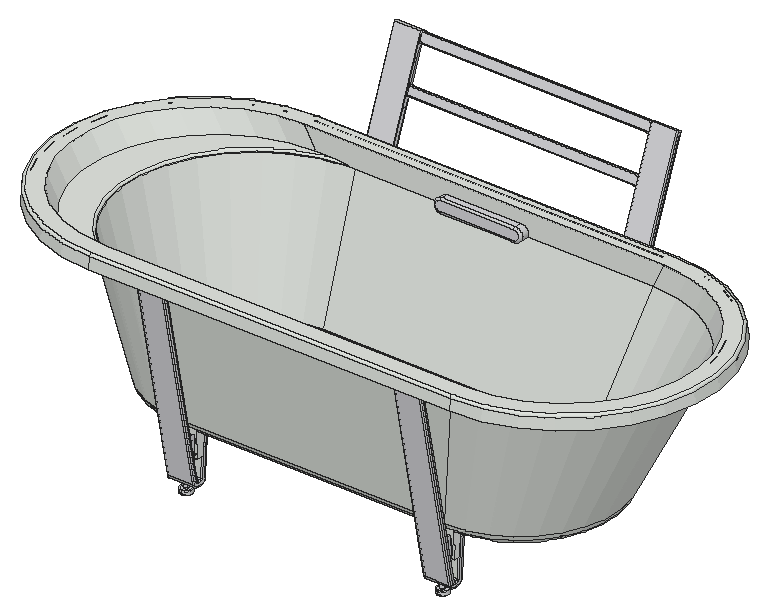
Revit family "Bath-Freestanding-KOHLER-LOVEE-K-9271T_1", category Plumbing Fixtures, host Face, Revit 2017
Family settings
  Host = Face
  Round Connector Dimension = Use Diameter
  Part Type = Normal
  OmniClass Number = 23.31.15.00
  OmniClass Title = Bathtubs
  Cut with Voids When Loaded = No
  Shared = No
  Room Calculation Point = No
Parameters (values of type "FF-Sea Salt")
  Width = 66.92913"  # constant formula
  WaterSense Certified = 1 = 0  # no
  Waste Water Outlet = "Waste Water Outlet"  # constant formula
  Waste Connection = 1 = 1  # yes
  Vent Connection = 1 = 0  # no
  URL = "http://www.kohler.com.cn/"
  Type = 1
  Product Page URL = "https://www.kohler.com.cn/product/K-9271T-0/K-9271T-FF/"
  Product Name = "LOVEE"  # constant formula
  Product Documentation Link = "https://files.kohler.com.cn/pdfs/k_9271t_2.pdf"
  Model = "K-9271T-FF"  # constant formula
  Material = "Cast Iron"  # constant formula
  Master Format 2014 Name = "Residential Bathtubs"  # constant formula
  Master Format 2014 = "22 41 19"  # constant formula
  Manufacturer Address = "Kohler Beijing Office (100016) 36-2-03-B, No. 88, Liuxiang Road, Beijing"  # constant formula
  Manufacturer = "KOHLER Co."  # constant formula
  Length = 29.52756"  # constant formula
  Hot Water Inlet = "Hot Water Inlet"  # constant formula
  Height = 30.47244"  # constant formula
  HW Connection = 1 = 0  # no
  Finish = KOHLER-Enameled_Cast_Iron-FF-Sea_Salt
  Environmental Product Declaration = ""
  Drain Included = 1 = 0  # no
  Description = "Freestanding Cast Iron Bathtub (Towel Rack Version)"  # constant formula
  Default Elevation = 0"
  Declare Label = ""
  Date Modified = "01/27/2021"  # constant formula
  Date Created = "01/27/2021"  # constant formula
  Copyright = "Copyright KOHLER Co."  # constant formula
  Contact Us = "http://www.kohler.com.cn/contact/contact-us/"
  Cold Water Inlet = "Cold Water Inlet"  # constant formula
  CW Connection = 1 = 0  # no
  Assembly Code = "D2010500"
  ADA Compliant = 1 = 0  # no
Reference planes (in)
  plane 1 "Center (Front/Back)": y = 0
  plane 2: z = 0
  plane 3 "Center (Left/Right)": x = 0
  plane 4: y = 19.893846
  plane 5: y = -14.8305634
  plane 6: x = -33.4645669
  plane 7: x = 33.4645669
  plane 8: y = 14.6969957
  plane 9: x = 14.5669291
  plane 10: x = -14.5669291
  plane 11: z = 30.4724409
  plane 12: x = -13.1889764
  plane 13: x = 13.1889764
  plane 14: z = 22.4409449
  plane 15: y = -9.0152085
  plane 16: y = 9.0152085
Dimensions and locks (in)
  "Width": plane 6 to plane 7
  locked: plane 4 to plane 5 at 34.7244094
  "Length": plane 5 to plane 8
  plane 6 to plane 3 "Center (Left/Right)" = 33.46457"
  plane 1 "Center (Front/Back)" to plane 8 = 14.697"
  "Height": plane 11 to level
  locked: plane 14 to level at 22.4409449
  locked: plane 10 to plane 9 at 29.1338583
  plane 13 to plane 12 = 26.37795"
  plane 4 to plane 5 = 34.72441"
  level to plane 14 = 22.44094"
  plane 16 to plane 15 = 18.03042"
  aligned and locked: plane 2 to host face
  aligned and locked: level to host face
  aligned and locked: plane 3 "Center (Left/Right)" to nested 1
  aligned and locked: plane 1 "Center (Front/Back)" to nested 1
  aligned and locked: plane 4 to nested 1
  aligned and locked: plane 5 to nested 1
  aligned and locked: plane 6 to nested 1
  aligned and locked: plane 7 to nested 1
  aligned and locked: plane 8 to nested 1
  aligned and locked: plane 9 to nested 1
  aligned and locked: plane 10 to nested 1
  aligned and locked: plane 11 to nested 1
  aligned and locked: plane 12 to nested 1
  aligned and locked: plane 13 to nested 1
  aligned and locked: plane 14 to nested 1
Automatic sketch dimensions
  host sketch curve to host sketch curve = 96"  (x2)
Nested families (in)
  nested 1: "K-9271T" at (0, 0, 0), type "K-9271T"
Connectors (in)
  piping at (0, 0, 3.8381579), diameter 1.3188976, driven by "Waste Connection", driven by "Waste Water Outlet"
    settings: on nested 1, index 1, connector inside diameter 24", connector length 0", flow factor 0, pipe flow 0 GPM, pressure drop 0.00 psi, fitting loss kfactor 0, connector angle 0.00°, fixture units 0, engagement length 0", angle of deflection 0.00°, flow configuration 0, flow direction 2, fitting loss method 0, system type 16, joint type 0, gender type 0, connector reference index -1, connector utility 1, adjustable connector no, is connector primary yes, connector description "Waste Water Outlet"
Definition of nested family "K-9271T"
  Parameters (values of type "K-9271T")
    Material = none
  Reference planes (in)
    plane 1 "Center (Front/Back)": y = 0
    plane 2: z = 0
    plane 3 "Center (Left/Right)": x = 0
    plane 4: y = 0
    plane 5: y = 14.6969957
    plane 6: x = 33.4645669
    plane 7: x = -33.4645669
    plane 8: y = -14.8305634
    plane 9: x = -14.5669291
    plane 10: x = 14.5669291
    plane 11: x = 23.1062992
    plane 12: y = 9.5925197
    plane 13: y = -9.5925197
    plane 14: x = -23.1062992
    plane 15: z = 30.4724409
    plane 16 "A": z = 22.4409449
    plane 17 "B": x = 13.1889764
    plane 18: x = -13.1889764
    plane 19: y = 19.893846
    plane 20 "C": z = 20.0891995
    plane 21: y = 13.1870079
    plane 22: y = -13.1870079
    plane 23: y = 13.1870079
    plane 24: y = -13.1870079
    plane 25: z = 6.7822009
    plane 26: y = -9.0152085
    plane 27: y = 9.0152085
  Forms (in)
    Blend 1, solid, material <- "Material", detail levels medium+fine
      base sketch origin (0, 0, 0) x (1, 0, 0) y (0, 1, 0)
        loop
          arc (-13.7150318, 9.5925197) -> (-23.3075515, 0) -> (-13.7150318, -9.5925197) r 9.5925197
          line (-13.7150318, -9.5925197) -> (13.8680165, -9.5925197)
          arc (13.8680165, -9.5925197) -> (23.4605362, 0) -> (13.8680165, 9.5925197) r 9.5925197
          line (13.8680165, 9.5925197) -> (-13.7150318, 9.5925197)
      top sketch origin (0, 0, 0) x (1, 0, 0) y (0, 1, 0)
        loop
          arc (-13.3186205, 13.1870079) -> (-26.5056283, 0) -> (-13.3186205, -13.1870079) r 13.1870079
          line (-13.3186205, -13.1870079) -> (17.3559372, -13.1870079)
          arc (17.3559372, -13.1870079) -> (30.542945, 0) -> (17.3559372, 13.1870079) r 13.1870079
          line (17.3559372, 13.1870079) -> (-13.3186205, 13.1870079)
      from 6.7822009 to 20.0891995
    Blend 2, void
      base sketch origin (0, 0, 0) x (1, 0, 0) y (0, 1, 0)
        loop
          line (17.3559372, 12.7933071) -> (-13.3186205, 12.7933071)
          arc (-13.3186205, 12.7933071) -> (-26.1119276, 0) -> (-13.3186205, -12.7933071) r 12.7933071
          line (-13.3186205, -12.7933071) -> (17.3559372, -12.7933071)
          arc (17.3559372, -12.7933071) -> (30.1492442, 0) -> (17.3559372, 12.7933071) r 12.7933071
      top sketch origin (0, 0, 0) x (1, 0, 0) y (0, 1, 0)
        loop
          arc (-13.7150318, 9.1988189) -> (-22.9138507, 0) -> (-13.7150318, -9.1988189) r 9.1988189
          line (-13.7150318, -9.1988189) -> (13.8680165, -9.1988189)
          arc (13.8680165, -9.1988189) -> (23.0668354, 0) -> (13.8680165, 9.1988189) r 9.1988189
          line (13.8680165, 9.1988189) -> (-13.7150318, 9.1988189)
      from 20.0891995 to 6.7822009
    Sweep 3, solid, material <- "Material", detail levels medium+fine
      path origin (0, 0, 6.7822009) x (1, 0, 0) y (0, 1, 0)
        loop
          arc (13.8680165, -9.5925197) -> (23.4605362, 0) -> (13.8680165, 9.5925197) r 9.5925197
          line (13.8680165, 9.5925197) -> (-13.7150318, 9.5925197)
          arc (-13.7150318, 9.5925197) -> (-23.3075515, 0) -> (-13.7150318, -9.5925197) r 9.5925197
          line (-13.7150318, -9.5925197) -> (13.8680165, -9.5925197)
      profile origin (23.4605362, 0, 6.7822009) x (1, 0, 0) y (0, 0, 1)
        loop
          line (-3.0699239, -0.8032372) -> (-0.7819278, -0.8032372)
          arc (-0.7819278, -0.8032372) -> (-0.4777714, -0.7188872) -> (-0.260502, -0.489933) r 0.5905512
          line (-0.260502, -0.489933) -> (0, 0) -> (-0.3026142, 0) -> (-0.3537818, -0.0962323)
          arc (-0.3537818, -0.0962323) -> (-0.5710512, -0.3251864) -> (-0.8752076, -0.4095365) r 0.5905512
          line (-0.8752076, -0.4095365) -> (-3.0699239, -0.4095365) -> (-3.0699239, -0.8032372)
    Extrusion 4, solid, material <- "Material", detail levels medium+fine
      sketch origin (0, 0, 6.7822009) x (0, 1, 0) y (1, 0, 0)
        loop
          arc (-6.5225958, -13.7150318) -> (0, -20.2376277) -> (6.5225958, -13.7150318) r 6.5225958
          line (6.5225958, -13.7150318) -> (6.5225958, 13.8680165)
          arc (6.5225958, 13.8680165) -> (0, 20.3906124) -> (-6.5225958, 13.8680165) r 6.5225958
          line (-6.5225958, 13.8680165) -> (-6.5225958, -13.7150318)
      from 0.4095365 to 0.8032372
    Blend 5, solid, material <- "Material", detail levels medium+fine
      base sketch origin (0, 0, 20.0891995) x (1, 0, 0) y (0, 1, 0)
        loop
          line (-17.2617692, -13.1870079) -> (17.3559372, -13.1870079)
          arc (17.3559372, -13.1870079) -> (30.542945, 0) -> (17.3559372, 13.1870079) r 13.1870079
          line (17.3559372, 13.1870079) -> (-17.2617692, 13.1870079)
          arc (-17.2617692, 13.1870079) -> (-30.4487771, 0) -> (-17.2617692, -13.1870079) r 13.1870079
      top sketch origin (0, 0, 20.0891995) x (1, 0, 0) y (0, 1, 0)
        loop
          line (18.5041247, 13.1870079) -> (-18.5956234, 13.1870079)
          arc (-18.5956234, 13.1870079) -> (-31.7826312, 0) -> (-18.5956234, -13.1870079) r 13.1870079
          line (-18.5956234, -13.1870079) -> (18.5041247, -13.1870079)
          arc (18.5041247, -13.1870079) -> (31.6911326, 0) -> (18.5041247, 13.1870079) r 13.1870079
      from 0 to 2.3426182
    Blend 6, void
      base sketch origin (0, 0, 20.0891995) x (1, 0, 0) y (0, 1, 0)
        loop
          line (18.5041247, 12.7933071) -> (-18.5956234, 12.7933071)
          arc (-18.5956234, 12.7933071) -> (-31.3889304, 0) -> (-18.5956234, -12.7933071) r 12.7933071
          line (-18.5956234, -12.7933071) -> (18.5041247, -12.7933071)
          arc (18.5041247, -12.7933071) -> (31.2974318, 0) -> (18.5041247, 12.7933071) r 12.7933071
      top sketch origin (0, 0, 20.0891995) x (1, 0, 0) y (0, 1, 0)
        loop
          line (-17.1915658, -12.7933071) -> (17.3559372, -12.7933071)
          arc (17.3559372, -12.7933071) -> (30.1492442, 0) -> (17.3559372, 12.7933071) r 12.7933071
          line (17.3559372, 12.7933071) -> (-17.1915658, 12.7933071)
          arc (-17.1915658, 12.7933071) -> (-29.9848729, 0) -> (-17.1915658, -12.7933071) r 12.7933071
      from 2.3426182 to 0
    Sweep 7, solid, material <- "Material", detail levels medium+fine
      path origin (0, 0, 22.4318178) x (1, 0, 0) y (0, 1, 0)
        loop
          line (18.5041247, 13.1870079) -> (-18.5956234, 13.1870079)
          arc (-18.5956234, 13.1870079) -> (-31.7826312, 0) -> (-18.5956234, -13.1870079) r 13.1870079
          line (-18.5956234, -13.1870079) -> (18.5041247, -13.1870079)
          arc (18.5041247, -13.1870079) -> (31.6911326, 0) -> (18.5041247, 13.1870079) r 13.1870079
      profile origin (31.6911326, 0, 22.4318178) x (-1, 0, 0) y (0, 0, 1)
        loop
          line (-1.576584, -1.3688256) -> (-1.2625467, -1.3688256) -> (-1.1972138, -0.6220677)
          arc (-1.1972138, -0.6220677) -> (-1.0907402, -0.4061605) -> (-0.8663748, -0.3189096) r 0.3321028
          line (-0.8663748, -0.3189096) -> (0.2734172, -0.3189096) -> (0.2734172, 0) -> (-1.2052725, 0)
          arc (-1.2052725, 0) -> (-1.3907381, -0.0721236) -> (-1.4787517, -0.2505975) r 0.2745238
          line (-1.4787517, -0.2505975) -> (-1.576584, -1.3688256)
    Extrusion 8, solid, material <- "Material", detail levels medium+fine
      sketch origin (0, 0, 20.0891995) x (1, 0, 0) y (0, 1, 0)
        loop
          arc (-15.2901949, 13.038791) -> (-30.4487771, 0) -> (-15.2901949, -13.038791) r 13.1870079
          arc (-15.2901949, -13.038791) -> (-26.5056283, 0) -> (-15.2901949, 13.038791) r 13.1870079
      from 0 to 0.2678418
    Sweep 9, solid, material <- "Material", detail levels medium+fine
      path origin (0, 0, 20.0891995) x (1, 0, 0) y (0, 1, 0)
        loop
          arc (-14.0596118, -13.1661729) -> (-26.5056283, 0) -> (-14.0596118, 13.1661729) r 13.1870079
      profile origin (-26.5056283, 0, 20.0891995) x (-1, 0, 0) y (0, 0, 1)
        loop
          line (-0.3739079, 0.0822845) -> (-0.3937008, 0) -> (0, 0) -> (0, 0.2678418) -> (-0.1384236, 0.2678418)
          arc (-0.1384236, 0.2678418) -> (-0.2883272, 0.2158781) -> (-0.3739079, 0.0822845) r 0.2422012
    Sweep 10, solid
      path origin (13.1889764, 0, 0) x (0, 0, 1) y (0, -1, 0)
        loop
          line (21.3375759, 13.8368361) -> (1.4176961, 9.7840907)
          arc (1.4176961, 9.7840907) -> (1.0781146, 9.5790399) -> (0.9448819, 9.2053951) r 0.5905512
          line (0.9448819, 9.2053951) -> (0.9448819, 8.8447775)
          arc (0.9448819, 8.8447775) -> (1.1141266, 8.4205624) -> (1.5289028, 8.229348) r 0.6162742
          line (1.5289028, 8.229348) -> (5.3026518, 8.0315742)
      profile origin (13.1889764, -9.0250863, 0.9448819) x (0, 0, 1) y (1, 0, 0)
        loop
          line (0.1181102, -1.3779528) -> (0.3545116, -1.3779528)
          arc (0.3545116, -1.3779528) -> (0.4379002, -1.343412) -> (0.4724409, -1.2600234) r 0.1179294
          line (0.4724409, -1.2600234) -> (0.4724409, 1.2598425)
          arc (0.4724409, 1.2598425) -> (0.4378473, 1.3433591) -> (0.3543307, 1.3779528) r 0.1181102
          line (0.3543307, 1.3779528) -> (0.1181102, 1.3779528)
          arc (0.1181102, 1.3779528) -> (0.0345937, 1.3433591) -> (0, 1.2598425) r 0.1181102
          line (0, 1.2598425) -> (0, -1.2598425)
          arc (0, -1.2598425) -> (0.0345937, -1.3433591) -> (0.1181102, -1.3779528) r 0.1181102
    Revolve 11, solid, detail levels medium+fine
      sketch origin (13.1889764, 0, 0) x (0, 0, 1) y (0, -1, 0)
        loop
          line (1.5748031, 9.0152085) -> (1.5748031, 9.1923738) -> (0.3937008, 9.1923738) -> (0.3937008, 9.5666502)
          arc (0.3937008, 9.5666502) -> (0.3821696, 9.594489) -> (0.3543307, 9.6060202) r 0.0393701
          line (0.3543307, 9.6060202) -> (0.0393701, 9.6060202)
          arc (0.0393701, 9.6060202) -> (0.0115312, 9.594489) -> (0, 9.5666502) r 0.0393701
          line (0, 9.5666502) -> (0, 9.0152085) -> (1.5748031, 9.0152085)
        axis (1.5748031, 9.0152085) -> (0, 9.0152085)
      angle from 0 to 360
    Extrusion 12, solid, detail levels medium+fine
      sketch origin (0, 0, 20.0891995) x (1, 0, 0) y (0, 1, 0)
        loop
          line (13.503937, -9.1970511) -> (13.503937, -8.8333659) -> (13.1889764, -8.6515233) -> (12.8740157, -8.8333659) -> (12.8740157, -9.1970511) -> (13.1889764, -9.3788937) -> (13.503937, -9.1970511)
      from -19.5183334 to -19.1443176
    Sweep 13, solid
      path origin (13.1889764, 0, 0) x (0, 0, 1) y (0, -1, 0)
        loop
          line (5.2755906, 10.2600771) -> (5.2755906, 9.6066127) -> (3.3070866, 9.5034478) -> (3.3070866, 8.4371097)
      profile origin (13.1889764, -10.2600771, 5.2755906) x (0, 0, 1) y (1, 0, 0)
        loop
          line (0.4724409, -0.9448819) -> (0.4724409, 0.9448819)
          arc (0.4724409, 0.9448819) -> (0.4609097, 0.9727207) -> (0.4330709, 0.984252) r 0.0393701
          line (0.4330709, 0.984252) -> (0.0393701, 0.984252)
          arc (0.0393701, 0.984252) -> (0.0115312, 0.9727207) -> (0, 0.9448819) r 0.0393701
          line (0, 0.9448819) -> (0, -0.9448819)
          arc (0, -0.9448819) -> (0.0115312, -0.9727207) -> (0.0393701, -0.984252) r 0.0393701
          line (0.0393701, -0.984252) -> (0.4330709, -0.984252)
          arc (0.4330709, -0.984252) -> (0.4609097, -0.9727207) -> (0.4724409, -0.9448819) r 0.0393701
    Extrusion 14, solid, material <- "Material", detail levels medium+fine
      sketch origin (13.1889764, 0, 0) x (0, 0, 1) y (0, -1, 0)
        loop
          line (3.591405, 8.6712764) -> (6.146953, 8.5373458)
          arc (6.146953, 8.5373458) -> (6.2072871, 9.0210553) -> (6.5401143, 9.3772028) r 0.789752
          line (6.5401143, 9.3772028) -> (3.591405, 9.2226675) -> (3.591405, 8.6712764)
      from -1.3779528 to 1.3779528
    Sweep 15, solid
      path origin (13.1889764, 0, 0) x (0, 0, 1) y (0, 1, 0)
        loop
          line (21.3375759, 13.8368361) -> (1.4176961, 9.7840907)
          arc (1.4176961, 9.7840907) -> (1.0781146, 9.5790399) -> (0.9448819, 9.2053951) r 0.5905512
          line (0.9448819, 9.2053951) -> (0.9448819, 8.8447775)
          arc (0.9448819, 8.8447775) -> (1.1141266, 8.4205624) -> (1.5289028, 8.229348) r 0.6162742
          line (1.5289028, 8.229348) -> (5.3026518, 8.0315742)
      profile origin (13.1889764, 9.0250863, 0.9448819) x (0, 0, -1) y (1, 0, 0)
        loop
          arc (-0.1181102, -1.3779528) -> (-0.0345937, -1.3433591) -> (0, -1.2598425) r 0.1181102
          line (0, -1.2598425) -> (0, 1.2598425)
          arc (0, 1.2598425) -> (-0.0345937, 1.3433591) -> (-0.1181102, 1.3779528) r 0.1181102
          line (-0.1181102, 1.3779528) -> (-0.3543307, 1.3779528)
          arc (-0.3543307, 1.3779528) -> (-0.4378473, 1.3433591) -> (-0.4724409, 1.2598425) r 0.1181102
          line (-0.4724409, 1.2598425) -> (-0.4724409, -1.2600234)
          arc (-0.4724409, -1.2600234) -> (-0.4379002, -1.343412) -> (-0.3545116, -1.3779528) r 0.1179294
          line (-0.3545116, -1.3779528) -> (-0.1181102, -1.3779528)
    Revolve 16, solid, detail levels medium+fine
      sketch origin (13.1889764, 0, 0) x (0, 0, 1) y (0, 1, 0)
        loop
          line (1.5748031, 9.0152085) -> (1.5748031, 9.1923738) -> (0.3937008, 9.1923738) -> (0.3937008, 9.5666502)
          arc (0.3937008, 9.5666502) -> (0.3821696, 9.594489) -> (0.3543307, 9.6060202) r 0.0393701
          line (0.3543307, 9.6060202) -> (0.0393701, 9.6060202)
          arc (0.0393701, 9.6060202) -> (0.0115312, 9.594489) -> (0, 9.5666502) r 0.0393701
          line (0, 9.5666502) -> (0, 9.0152085) -> (1.5748031, 9.0152085)
        axis (1.5748031, 9.0152085) -> (0, 9.0152085)
      angle from 0 to 360
    Extrusion 17, solid, detail levels medium+fine
      sketch origin (0, 0, 20.0891995) x (1, 0, 0) y (0, 1, 0)
        loop
          line (13.503937, 9.1970511) -> (13.1889764, 9.3788937) -> (12.8740157, 9.1970511) -> (12.8740157, 8.8333659) -> (13.1889764, 8.6515233) -> (13.503937, 8.8333659) -> (13.503937, 9.1970511)
      from -19.5183334 to -19.1443176
    Sweep 18, solid
      path origin (13.1889764, 0, 0) x (0, 0, 1) y (0, 1, 0)
        loop
          line (5.2755906, 10.2600771) -> (5.2755906, 9.6066127) -> (3.3070866, 9.5034478) -> (3.3070866, 8.4371097)
      profile origin (13.1889764, 10.2600771, 5.2755906) x (0, 0, -1) y (1, 0, 0)
        loop
          arc (-0.4724409, -0.9448819) -> (-0.4609097, -0.9727207) -> (-0.4330709, -0.984252) r 0.0393701
          line (-0.4330709, -0.984252) -> (-0.0393701, -0.984252)
          arc (-0.0393701, -0.984252) -> (-0.0115312, -0.9727207) -> (0, -0.9448819) r 0.0393701
          line (0, -0.9448819) -> (0, 0.9448819)
          arc (0, 0.9448819) -> (-0.0115312, 0.9727207) -> (-0.0393701, 0.984252) r 0.0393701
          line (-0.0393701, 0.984252) -> (-0.4330709, 0.984252)
          arc (-0.4330709, 0.984252) -> (-0.4609097, 0.9727207) -> (-0.4724409, 0.9448819) r 0.0393701
          line (-0.4724409, 0.9448819) -> (-0.4724409, -0.9448819)
    Extrusion 19, solid, material <- "Material", detail levels medium+fine
      sketch origin (13.1889764, 0, 0) x (0, 0, 1) y (0, -1, 0)
        loop
          line (3.591405, -8.6712764) -> (3.591405, -9.2226675) -> (6.5401143, -9.3772028)
          arc (6.5401143, -9.3772028) -> (6.2072871, -9.0210553) -> (6.146953, -8.5373458) r 0.789752
          line (6.146953, -8.5373458) -> (3.591405, -8.6712764)
      from -1.3779528 to 1.3779528
    Sweep 20, solid
      path origin (-13.1889764, 0, 0) x (0, 0, 1) y (0, 1, 0)
        loop
          line (21.3375759, -13.8368361) -> (1.4176961, -9.7840907)
          arc (1.4176961, -9.7840907) -> (1.0781146, -9.5790399) -> (0.9448819, -9.2053951) r 0.5905512
          line (0.9448819, -9.2053951) -> (0.9448819, -8.8447775)
          arc (0.9448819, -8.8447775) -> (1.1141266, -8.4205624) -> (1.5289028, -8.229348) r 0.6162742
          line (1.5289028, -8.229348) -> (5.3026518, -8.0315742)
      profile origin (-13.1889764, -9.0250863, 0.9448819) x (0, 0, -1) y (-1, 0, 0)
        loop
          arc (-0.1181102, -1.3779528) -> (-0.0345937, -1.3433591) -> (0, -1.2598425) r 0.1181102
          line (0, -1.2598425) -> (0, 1.2598425)
          arc (0, 1.2598425) -> (-0.0345937, 1.3433591) -> (-0.1181102, 1.3779528) r 0.1181102
          line (-0.1181102, 1.3779528) -> (-0.3543307, 1.3779528)
          arc (-0.3543307, 1.3779528) -> (-0.4378473, 1.3433591) -> (-0.4724409, 1.2598425) r 0.1181102
          line (-0.4724409, 1.2598425) -> (-0.4724409, -1.2600234)
          arc (-0.4724409, -1.2600234) -> (-0.4379002, -1.343412) -> (-0.3545116, -1.3779528) r 0.1179294
          line (-0.3545116, -1.3779528) -> (-0.1181102, -1.3779528)
    Revolve 21, solid, detail levels medium+fine
      sketch origin (-13.1889764, 0, 0) x (0, 0, 1) y (0, 1, 0)
        loop
          line (1.5748031, -9.0152085) -> (0, -9.0152085) -> (0, -9.5666502)
          arc (0, -9.5666502) -> (0.0115312, -9.594489) -> (0.0393701, -9.6060202) r 0.0393701
          line (0.0393701, -9.6060202) -> (0.3543307, -9.6060202)
          arc (0.3543307, -9.6060202) -> (0.3821696, -9.594489) -> (0.3937008, -9.5666502) r 0.0393701
          line (0.3937008, -9.5666502) -> (0.3937008, -9.1923738) -> (1.5748031, -9.1923738) -> (1.5748031, -9.0152085)
        axis (1.5748031, -9.0152085) -> (0, -9.0152085)
      angle from 0 to 360
    Extrusion 22, solid, detail levels medium+fine
      sketch origin (0, 0, 20.0891995) x (-1, 0, 0) y (0, -1, 0)
        loop
          line (13.503937, 9.1970511) -> (13.1889764, 9.3788937) -> (12.8740157, 9.1970511) -> (12.8740157, 8.8333659) -> (13.1889764, 8.6515233) -> (13.503937, 8.8333659) -> (13.503937, 9.1970511)
      from -19.5183334 to -19.1443176
    Sweep 23, solid
      path origin (-13.1889764, 0, 0) x (0, 0, 1) y (0, 1, 0)
        loop
          line (5.2755906, -10.2600771) -> (5.2755906, -9.6066127) -> (3.3070866, -9.5034478) -> (3.3070866, -8.4371097)
      profile origin (-13.1889764, -10.2600771, 5.2755906) x (0, 0, -1) y (-1, 0, 0)
        loop
          arc (-0.4724409, -0.9448819) -> (-0.4609097, -0.9727207) -> (-0.4330709, -0.984252) r 0.0393701
          line (-0.4330709, -0.984252) -> (-0.0393701, -0.984252)
          arc (-0.0393701, -0.984252) -> (-0.0115312, -0.9727207) -> (0, -0.9448819) r 0.0393701
          line (0, -0.9448819) -> (0, 0.9448819)
          arc (0, 0.9448819) -> (-0.0115312, 0.9727207) -> (-0.0393701, 0.984252) r 0.0393701
          line (-0.0393701, 0.984252) -> (-0.4330709, 0.984252)
          arc (-0.4330709, 0.984252) -> (-0.4609097, 0.9727207) -> (-0.4724409, 0.9448819) r 0.0393701
          line (-0.4724409, 0.9448819) -> (-0.4724409, -0.9448819)
    Extrusion 24, solid, material <- "Material", detail levels medium+fine
      sketch origin (-13.1889764, 0, 0) x (0, 0, 1) y (0, 1, 0)
        loop
          line (3.591405, -8.6712764) -> (3.591405, -9.2226675) -> (6.5401143, -9.3772028)
          arc (6.5401143, -9.3772028) -> (6.2072871, -9.0210553) -> (6.146953, -8.5373458) r 0.789752
          line (6.146953, -8.5373458) -> (3.591405, -8.6712764)
      from -1.3779528 to 1.3779528
    Sweep 25, solid
      path origin (-13.1889764, 0, 0) x (0, 0, 1) y (0, 1, 0)
        loop
          line (21.3375759, 13.8368361) -> (1.4176961, 9.7840907)
          arc (1.4176961, 9.7840907) -> (1.0781146, 9.5790399) -> (0.9448819, 9.2053951) r 0.5905512
          line (0.9448819, 9.2053951) -> (0.9448819, 8.8447775)
          arc (0.9448819, 8.8447775) -> (1.1141266, 8.4205624) -> (1.5289028, 8.229348) r 0.6162742
          line (1.5289028, 8.229348) -> (5.3026518, 8.0315742)
      profile origin (-13.1889764, 9.0250863, 0.9448819) x (0, 0, 1) y (-1, 0, 0)
        loop
          line (0.1181102, -1.3779528) -> (0.3545116, -1.3779528)
          arc (0.3545116, -1.3779528) -> (0.4379002, -1.343412) -> (0.4724409, -1.2600234) r 0.1179294
          line (0.4724409, -1.2600234) -> (0.4724409, 1.2598425)
          arc (0.4724409, 1.2598425) -> (0.4378473, 1.3433591) -> (0.3543307, 1.3779528) r 0.1181102
          line (0.3543307, 1.3779528) -> (0.1181102, 1.3779528)
          arc (0.1181102, 1.3779528) -> (0.0345937, 1.3433591) -> (0, 1.2598425) r 0.1181102
          line (0, 1.2598425) -> (0, -1.2598425)
          arc (0, -1.2598425) -> (0.0345937, -1.3433591) -> (0.1181102, -1.3779528) r 0.1181102
    Revolve 26, solid, detail levels medium+fine
      sketch origin (-13.1889764, 0, 0) x (0, 0, 1) y (0, 1, 0)
        loop
          line (1.5748031, 9.0152085) -> (1.5748031, 9.1923738) -> (0.3937008, 9.1923738) -> (0.3937008, 9.5666502)
          arc (0.3937008, 9.5666502) -> (0.3821696, 9.594489) -> (0.3543307, 9.6060202) r 0.0393701
          line (0.3543307, 9.6060202) -> (0.0393701, 9.6060202)
          arc (0.0393701, 9.6060202) -> (0.0115312, 9.594489) -> (0, 9.5666502) r 0.0393701
          line (0, 9.5666502) -> (0, 9.0152085) -> (1.5748031, 9.0152085)
        axis (1.5748031, 9.0152085) -> (0, 9.0152085)
      angle from 0 to 360
    Extrusion 27, solid, detail levels medium+fine
      sketch origin (0, 0, 20.0891995) x (-1, 0, 0) y (0, -1, 0)
        loop
          line (13.503937, -9.1970511) -> (13.503937, -8.8333659) -> (13.1889764, -8.6515233) -> (12.8740157, -8.8333659) -> (12.8740157, -9.1970511) -> (13.1889764, -9.3788937) -> (13.503937, -9.1970511)
      from -19.5183334 to -19.1443176
    Sweep 28, solid
      path origin (-13.1889764, 0, 0) x (0, 0, 1) y (0, 1, 0)
        loop
          line (5.2755906, 10.2600771) -> (5.2755906, 9.6066127) -> (3.3070866, 9.5034478) -> (3.3070866, 8.4371097)
      profile origin (-13.1889764, 10.2600771, 5.2755906) x (0, 0, 1) y (-1, 0, 0)
        loop
          line (0.4724409, -0.9448819) -> (0.4724409, 0.9448819)
          arc (0.4724409, 0.9448819) -> (0.4609097, 0.9727207) -> (0.4330709, 0.984252) r 0.0393701
          line (0.4330709, 0.984252) -> (0.0393701, 0.984252)
          arc (0.0393701, 0.984252) -> (0.0115312, 0.9727207) -> (0, 0.9448819) r 0.0393701
          line (0, 0.9448819) -> (0, -0.9448819)
          arc (0, -0.9448819) -> (0.0115312, -0.9727207) -> (0.0393701, -0.984252) r 0.0393701
          line (0.0393701, -0.984252) -> (0.4330709, -0.984252)
          arc (0.4330709, -0.984252) -> (0.4609097, -0.9727207) -> (0.4724409, -0.9448819) r 0.0393701
    Extrusion 29, solid, material <- "Material", detail levels medium+fine
      sketch origin (-13.1889764, 0, 0) x (0, 0, 1) y (0, 1, 0)
        loop
          line (3.591405, 8.6712764) -> (6.146953, 8.5373458)
          arc (6.146953, 8.5373458) -> (6.2072871, 9.0210553) -> (6.5401143, 9.3772028) r 0.789752
          line (6.5401143, 9.3772028) -> (3.591405, 9.2226675) -> (3.591405, 8.6712764)
      from -1.3779528 to 1.3779528
    Sweep 30, solid
      path origin (13.1889764, 0, 0) x (0, 0, 1) y (0, -1, 0)
        loop
          line (3.7460246, -10.7399142) -> (9.6858785, -11.9483911)
          arc (9.6858785, -11.9483911) -> (10.1432128, -12.0619935) -> (10.5891722, -12.2142449) r 5.511811
          line (10.5891722, -12.2142449) -> (30.2784467, -19.8907722)
      profile origin (13.1889764, 16.0525086, 20.4338094) x (0, -0.931691, 0.363251) y (1, 0, 0)
        loop
          line (0.4724409, -1.2992126) -> (0.4724409, 1.2992126)
          arc (0.4724409, 1.2992126) -> (0.4493785, 1.3548903) -> (0.3937008, 1.3779528) r 0.0787402
          line (0.3937008, 1.3779528) -> (0.0787402, 1.3779528)
          arc (0.0787402, 1.3779528) -> (0.0230625, 1.3548903) -> (0, 1.2992126) r 0.0787402
          line (0, 1.2992126) -> (0, -1.2992126)
          arc (0, -1.2992126) -> (0.0230625, -1.3548903) -> (0.0787402, -1.3779528) r 0.0787402
          line (0.0787402, -1.3779528) -> (0.3937008, -1.3779528)
          arc (0.3937008, -1.3779528) -> (0.4493785, -1.3548903) -> (0.4724409, -1.2992126) r 0.0787402
    Sweep 31, solid
      path origin (-13.1889764, 0, 0) x (0, 0, 1) y (0, 1, 0)
        loop
          line (3.7460246, 10.7399142) -> (9.6858785, 11.9483911)
          arc (9.6858785, 11.9483911) -> (10.1432128, 12.0619935) -> (10.5891722, 12.2142449) r 5.511811
          line (10.5891722, 12.2142449) -> (30.2784467, 19.8907722)
      profile origin (-13.1889764, 16.0525086, 20.4338094) x (0, 0.931691, -0.363251) y (-1, 0, 0)
        loop
          arc (-0.4724409, -1.2992126) -> (-0.4493785, -1.3548903) -> (-0.3937008, -1.3779528) r 0.0787402
          line (-0.3937008, -1.3779528) -> (-0.0787402, -1.3779528)
          arc (-0.0787402, -1.3779528) -> (-0.0230625, -1.3548903) -> (0, -1.2992126) r 0.0787402
          line (0, -1.2992126) -> (0, 1.2992126)
          arc (0, 1.2992126) -> (-0.0230625, 1.3548903) -> (-0.0787402, 1.3779528) r 0.0787402
          line (-0.0787402, 1.3779528) -> (-0.3937008, 1.3779528)
          arc (-0.3937008, 1.3779528) -> (-0.4493785, 1.3548903) -> (-0.4724409, 1.2992126) r 0.0787402
          line (-0.4724409, 1.2992126) -> (-0.4724409, -1.2992126)
    Sweep 32, solid
      path origin (0, 0, 0) x (1, 0, 0) y (0, 0, 1)
        loop
          line (-12.6153267, 27.8392349) -> (13.1889764, 27.8392349)
      profile origin (0.2868248, 0, 27.8392349) x (0, 0, 1) y (0, -1, 0)
        loop
          line (2.4793324, -19.5020907) -> (1.7090365, -19.2017649)
          arc (1.7090365, -19.2017649) -> (1.6487846, -19.2030269) -> (1.6070725, -19.2465239) r 0.0787402
          line (1.6070725, -19.2465239) -> (1.5355664, -19.4299277)
          arc (1.5355664, -19.4299277) -> (1.5368285, -19.4901796) -> (1.5803254, -19.5318917) r 0.0787402
          line (1.5803254, -19.5318917) -> (2.3506213, -19.8322175)
          arc (2.3506213, -19.8322175) -> (2.4108732, -19.8309554) -> (2.4525853, -19.7874584) r 0.0787402
          line (2.4525853, -19.7874584) -> (2.5240915, -19.6040546)
          arc (2.5240915, -19.6040546) -> (2.5228294, -19.5438028) -> (2.4793324, -19.5020907) r 0.0787402
        loop
          line (-1.7389546, -17.8574493) -> (-2.5092505, -17.5571235)
          arc (-2.5092505, -17.5571235) -> (-2.5695024, -17.5583856) -> (-2.6112145, -17.6018825) r 0.0787402
          line (-2.6112145, -17.6018825) -> (-2.6827207, -17.7852863)
          arc (-2.6827207, -17.7852863) -> (-2.6814586, -17.8455382) -> (-2.6379616, -17.8872503) r 0.0787402
          line (-2.6379616, -17.8872503) -> (-1.8676657, -18.1875761)
          arc (-1.8676657, -18.1875761) -> (-1.8074138, -18.186314) -> (-1.7657017, -18.142817) r 0.0787402
          line (-1.7657017, -18.142817) -> (-1.6941956, -17.9594132)
          arc (-1.6941956, -17.9594132) -> (-1.6954577, -17.8991614) -> (-1.7389546, -17.8574493) r 0.0787402
    Extrusion 33, void
      sketch origin (0, 0, 0) x (1, 0, 0) y (0, 1, 0)
        loop
          arc (-1.7131784, 2.3214008) -> (-2.1307611, 2.1484324) -> (-2.3037296, 1.7308496) r 0.5905512
          line (-2.3037296, 1.7308496) -> (-2.3037296, -1.7105161)
          arc (-2.3037296, -1.7105161) -> (-2.1307611, -2.1280989) -> (-1.7131784, -2.3010673) r 0.5905512
          line (-1.7131784, -2.3010673) -> (1.7074934, -2.3010673)
          arc (1.7074934, -2.3010673) -> (2.1250762, -2.1280989) -> (2.2980446, -1.7105161) r 0.5905512
          line (2.2980446, -1.7105161) -> (2.2980446, 1.7308496)
          arc (2.2980446, 1.7308496) -> (2.1250762, 2.1484324) -> (1.7074934, 2.3214008) r 0.5905512
          line (1.7074934, 2.3214008) -> (-1.7131784, 2.3214008)
      from 0 to 9.8425197
    Blend 34, solid, material <- "Material", detail levels medium+fine
      base sketch origin (0, 0, 0) x (1, 0, 0) y (0, 1, 0)
        loop
          line (-1.2944428, -1.6902874) -> (1.292384, -1.6902874)
          arc (1.292384, -1.6902874) -> (1.5707725, -1.5749752) -> (1.6860848, -1.2965867) r 0.3937008
          line (1.6860848, -1.2965867) -> (1.6860848, 1.2958153)
          arc (1.6860848, 1.2958153) -> (1.5707725, 1.5742038) -> (1.292384, 1.6895161) r 0.3937008
          line (1.292384, 1.6895161) -> (-1.2944428, 1.6895161)
          arc (-1.2944428, 1.6895161) -> (-1.5728313, 1.5742038) -> (-1.6881436, 1.2958153) r 0.3937008
          line (-1.6881436, 1.2958153) -> (-1.6881436, -1.2965867)
          arc (-1.6881436, -1.2965867) -> (-1.5728313, -1.5749752) -> (-1.2944428, -1.6902874) r 0.3937008
      top sketch origin (0, 0, 0) x (1, 0, 0) y (0, 1, 0)
        loop
          line (1.7074934, 2.3214008) -> (-1.7131784, 2.3214008)
          arc (-1.7131784, 2.3214008) -> (-2.1307611, 2.1484324) -> (-2.3037296, 1.7308496) r 0.5905512
          line (-2.3037296, 1.7308496) -> (-2.3037296, -1.7105161)
          arc (-2.3037296, -1.7105161) -> (-2.1307611, -2.1280989) -> (-1.7131784, -2.3010673) r 0.5905512
          line (-1.7131784, -2.3010673) -> (1.7074934, -2.3010673)
          arc (1.7074934, -2.3010673) -> (2.1250762, -2.1280989) -> (2.2980446, -1.7105161) r 0.5905512
          line (2.2980446, -1.7105161) -> (2.2980446, 1.7308496)
          arc (2.2980446, 1.7308496) -> (2.1250762, 2.1484324) -> (1.7074934, 2.3214008) r 0.5905512
      from 4.773778 to 6.3726644
    Blend 35, void
      base sketch origin (0, 0, 0) x (1, 0, 0) y (0, 1, 0)
        loop
          line (1.3925328, 2.0064402) -> (-1.3982178, 2.0064402)
          arc (-1.3982178, 2.0064402) -> (-1.8158005, 1.8334717) -> (-1.9887689, 1.415889) r 0.5905512
          line (-1.9887689, 1.415889) -> (-1.9887689, -1.3955555)
          arc (-1.9887689, -1.3955555) -> (-1.8158005, -1.8131383) -> (-1.3982178, -1.9861067) r 0.5905512
          line (-1.3982178, -1.9861067) -> (1.3925328, -1.9861067)
          arc (1.3925328, -1.9861067) -> (1.8101156, -1.8131383) -> (1.983084, -1.3955555) r 0.5905512
          line (1.983084, -1.3955555) -> (1.983084, 1.415889)
          arc (1.983084, 1.415889) -> (1.8101156, 1.8334717) -> (1.3925328, 2.0064402) r 0.5905512
      top sketch origin (0, 0, 0) x (1, 0, 0) y (0, 1, 0)
        loop
          arc (-0.5070413, 1.0989649) -> (-0.924624, 0.9259964) -> (-1.0975924, 0.5084137) r 0.5905512
          line (-1.0975924, 0.5084137) -> (-1.0975924, -0.5091851)
          arc (-1.0975924, -0.5091851) -> (-0.924624, -0.9267678) -> (-0.5070413, -1.0997363) r 0.5905512
          line (-0.5070413, -1.0997363) -> (0.5049824, -1.0997363)
          arc (0.5049824, -1.0997363) -> (0.9225652, -0.9267678) -> (1.0955336, -0.5091851) r 0.5905512
          line (1.0955336, -0.5091851) -> (1.0955336, 0.5084137)
          arc (1.0955336, 0.5084137) -> (0.9225652, 0.9259964) -> (0.5049824, 1.0989649) r 0.5905512
          line (0.5049824, 1.0989649) -> (-0.5070413, 1.0989649)
      from 6.5756401 to 4.9546147
    Revolve 36, solid, material <- "Material", detail levels medium+fine
      sketch origin (0, 0, 0) x (1, 0, 0) y (0, 0, 1)
        loop
          line (-0.8634417, 3.8381579) -> (-0.4317209, 3.8381579) -> (-0.4317209, 4.2318587) -> (0, 4.2318587) -> (0, 5.097159) -> (-0.9325354, 5.097159) -> (-0.9325354, 3.9072516)
          arc (-0.9325354, 3.9072516) -> (-0.9122983, 3.858395) -> (-0.8634417, 3.8381579) r 0.0690937
        axis (0, 5.097159) -> (0, 3.8381579)
      angle from 0 to 360
    Revolve 37, solid, detail levels medium+fine
      sketch origin (0, 0, 0) x (1, 0, 0) y (0, 0, 1)
        loop
          line (0, 6.7827879) -> (0, 4.3800772) -> (0.3937008, 4.3800772) -> (0.3937008, 6.2872289) -> (1.6046063, 6.2872289)
          arc (1.6046063, 6.2872289) -> (1.6716517, 6.3149999) -> (1.6994228, 6.3820453) r 0.0948164
          line (1.6994228, 6.3820453) -> (1.6994228, 6.4398412)
          arc (1.6994228, 6.4398412) -> (1.6878831, 6.4761235) -> (1.6575043, 6.4990736) r 0.0628081
          arc (1.6575043, 6.4990736) -> (0.8408053, 6.7113473) -> (0, 6.7827879) r 4.9835589
        axis (0, 6.7827879) -> (0, 4.3800772)
      angle from 0 to 360
    Extrusion 38, solid, detail levels medium+fine
      sketch origin (0, -0.2126175, -0.7874016) x (1, 0, 0) y (0, 0, 1)
        loop
          arc (-3.7784952, 21.8984568) -> (-4.4958496, 21.1811024) -> (-3.7784952, 20.4637479) r 0.7173545
          line (-3.7784952, 20.4637479) -> (3.7784952, 20.4637479)
          arc (3.7784952, 20.4637479) -> (4.4958496, 21.1811024) -> (3.7784952, 21.8984568) r 0.7173545
          line (3.7784952, 21.8984568) -> (-3.7784952, 21.8984568)
      from -13.3787904 to -12.0850794
    Sweep 39, void
      path origin (0, -0.2126175, -0.7874016) x (1, 0, 0) y (0, 0, 1)
        loop
          line (3.7784952, 21.8984568) -> (-3.7784952, 21.8984568)
          arc (-3.7784952, 21.8984568) -> (-4.4958496, 21.1811024) -> (-3.7784952, 20.4637479) r 0.7173545
          line (-3.7784952, 20.4637479) -> (3.7784952, 20.4637479)
          arc (3.7784952, 20.4637479) -> (4.4958496, 21.1811024) -> (3.7784952, 21.8984568) r 0.7173545
      profile origin (0, -0.2126175, 21.1110553) x (0, 0, -1) y (0, -1, 0)
        loop
          line (0.2545817, -12.0772669) -> (0.2545817, -12.0210134) -> (-0.0642534, -12.0210134) -> (-0.0642534, -12.339661) -> (-0.0078125, -12.339661)
          arc (-0.0078125, -12.339661) -> (0.069041, -12.1541203) -> (0.2545817, -12.0772669) r 0.2623942
    Extrusion 40, solid, material <- "Material", detail levels medium+fine
      sketch origin (0, 0, 4.773778) x (0, 1, 0) y (1, 0, 0)
        loop
          circle (0, 0) r 0.6594488
      from 0.3937008 to 0.9356201
    Blend 41, solid, material <- "Material", detail levels coarse
      base sketch origin (0, 0, 0) x (1, 0, 0) y (0, 1, 0)
        loop
          line (-13.7150318, -9.5925197) -> (13.8680165, -9.5925197)
          arc (13.8680165, -9.5925197) -> (23.4605362, 0) -> (13.8680165, 9.5925197) r 9.5925197
          line (13.8680165, 9.5925197) -> (-13.7150318, 9.5925197)
          arc (-13.7150318, 9.5925197) -> (-23.3075515, 0) -> (-13.7150318, -9.5925197) r 9.5925197
      top sketch origin (0, 0, 0) x (1, 0, 0) y (0, 1, 0)
        loop
          line (18.3142544, 14.4495546) -> (-18.4284055, 14.4495546)
          arc (-18.4284055, 14.4495546) -> (-32.87796, 0) -> (-18.4284055, -14.4495546) r 14.4495546
          line (-18.4284055, -14.4495546) -> (18.3142544, -14.4495546)
          arc (18.3142544, -14.4495546) -> (32.763809, 0) -> (18.3142544, 14.4495546) r 14.4495546
      from 5.2755906 to 22.4318178
    Blend 42, void
      base sketch origin (0, 0, 22.4318178) x (1, 0, 0) y (0, 1, 0)
        loop
          arc (-18.4284055, 13.662153) -> (-32.0905584, 0) -> (-18.4284055, -13.662153) r 13.662153
          line (-18.4284055, -13.662153) -> (18.3142544, -13.662153)
          arc (18.3142544, -13.662153) -> (31.9764074, 0) -> (18.3142544, 13.662153) r 13.662153
          line (18.3142544, 13.662153) -> (-18.4284055, 13.662153)
      top sketch origin (0, 0, 22.4318178) x (1, 0, 0) y (0, 1, 0)
        loop
          arc (-13.7150318, 8.8051181) -> (-22.52015, 0) -> (-13.7150318, -8.8051181) r 8.8051181
          line (-13.7150318, -8.8051181) -> (13.8680165, -8.8051181)
          arc (13.8680165, -8.8051181) -> (22.6731347, 0) -> (13.8680165, 8.8051181) r 8.8051181
          line (13.8680165, 8.8051181) -> (-13.7150318, 8.8051181)
      from 0 to -15.0510783
    Extrusion 43, solid, detail levels coarse
      sketch origin (0, 0, 5.2755906) x (0, 1, 0) y (1, 0, 0)
        loop
          circle (-9.0152085, 13.1889764) r 0.5905512
        loop
          circle (8.9746023, 13.1889764) r 0.5905512
        loop
          circle (8.9746023, -13.1889764) r 0.5905512
        loop
          circle (-9.0118579, -13.1889764) r 0.5905512
      from 3.7007874 to 5.2755906
    Revolve 44, solid, material <- "Material", detail levels coarse
      sketch origin (0, 0, 0) x (1, 0, 0) y (0, 0, 1)
        loop
          line (0, 3.8381579) -> (0, 6.0035123) -> (-2.4519537, 6.0035123) -> (-2.4519537, 3.8381579) -> (0, 3.8381579)
        axis (0, 6.0035123) -> (0, 3.8381579)
      angle from 0 to 360
  Cuts and joins
    Blend 2 cuts Blend 1
    Blend 6 cuts Blend 5
    Blend 6 cuts Sweep 7
    joined: Blend 1, Blend 5, Sweep 7
    Extrusion 33 cuts Extrusion 4
    Blend 35 cuts Blend 34
    joined: Sweep 3, Extrusion 4, Extrusion 8, Sweep 9, Extrusion 14, Extrusion 19, Extrusion 24, Extrusion 29, Blend 34, Revolve 36
    joined: Sweep 10, Sweep 13, Sweep 15, Sweep 18, Sweep 20, Sweep 23, Sweep 25, Sweep 28, Sweep 30, Sweep 31, Sweep 32
    joined: Revolve 11, Extrusion 12, Revolve 16, Extrusion 17, Revolve 21, Extrusion 22, Revolve 26, Extrusion 27
    Sweep 39 cuts Extrusion 38
    joined: Revolve 37, Extrusion 38
    Blend 42 cuts Blend 41
  Lines and regions (in)
    Masking region 1
      outline origin (0, 0, 22.4409449) x (-1, 0, 0) y (0, -1, 0)
        loop
          line (-11.8279289, -19.8379277) -> (11.8279289, -19.8379277)
          arc (11.8279289, -19.8379277) -> (11.8703041, -19.878907) -> (11.9273286, -19.893846) r 0.1163049
          line (11.9273286, -19.893846) -> (14.4488189, -19.893846)
          arc (14.4488189, -19.893846) -> (14.5323354, -19.8592524) -> (14.5669291, -19.7757358) r 0.1181102
          line (14.5669291, -19.7757358) -> (14.5669291, -14.6969957) -> (18.6973087, -14.6969957)
          arc (18.6973087, -14.6969957) -> (33.4610882, 0.0667839) -> (18.6973087, 14.8305634) r 14.7637795
          line (18.6973087, 14.8305634) -> (-18.6935144, 14.8305634)
          arc (-18.6935144, 14.8305634) -> (-33.4572939, 0.0667839) -> (-18.6935144, -14.6969957) r 14.7637795
          line (-18.6935144, -14.6969957) -> (-14.5669291, -14.6969957) -> (-14.5669291, -19.7757358)
          arc (-14.5669291, -19.7757358) -> (-14.5323354, -19.8592524) -> (-14.4488189, -19.893846) r 0.1181102
          line (-14.4488189, -19.893846) -> (-11.9273286, -19.893846)
          arc (-11.9273286, -19.893846) -> (-11.8703041, -19.878907) -> (-11.8279289, -19.8379277) r 0.1163049
        loop
          line (11.8110236, -14.6969957) -> (-11.8110236, -14.6969957) -> (-11.8110236, -17.5511751) -> (11.8110236, -17.5511751) -> (11.8110236, -14.6969957)
        loop
          line (-11.8110236, -19.1960759) -> (11.8110236, -19.1960759) -> (11.8110236, -18.1931729) -> (-11.8110236, -18.1931729) -> (-11.8110236, -19.1960759)
    Masking region 2
      outline origin (0, 0, 0) x (1, 0, 0) y (0, 0, 1)
        loop
          line (31.159134, 21.0629921) -> (33.4645669, 21.0629921) -> (33.3644492, 22.207343)
          arc (33.3644492, 22.207343) -> (33.2824047, 22.3737127) -> (33.1095175, 22.4409449) r 0.2559055
          line (33.1095175, 22.4409449) -> (14.5669291, 22.4409449) -> (14.5669291, 30.3937008)
          arc (14.5669291, 30.3937008) -> (14.5438667, 30.4493785) -> (14.488189, 30.4724409) r 0.0787402
          line (14.488189, 30.4724409) -> (11.8700787, 30.4724409)
          arc (11.8700787, 30.4724409) -> (11.8283205, 30.4551441) -> (11.8110236, 30.4133858) r 0.0590551
          line (11.8110236, 30.4133858) -> (11.8110236, 30.3712344) -> (0, 30.3712344) -> (-11.8110236, 30.3712344) -> (-11.8110236, 30.4133858)
          arc (-11.8110236, 30.4133858) -> (-11.8283205, 30.4551441) -> (-11.8700787, 30.4724409) r 0.0590551
          line (-11.8700787, 30.4724409) -> (-14.488189, 30.4724409)
          arc (-14.488189, 30.4724409) -> (-14.5438667, 30.4493785) -> (-14.5669291, 30.3937008) r 0.0787402
          line (-14.5669291, 30.3937008) -> (-14.5669291, 22.4409449) -> (-33.0914795, 22.4409449)
          arc (-33.0914795, 22.4409449) -> (-33.2776657, 22.368541) -> (-33.3660213, 22.1893736) r 0.2755906
          line (-33.3660213, 22.1893736) -> (-33.4645669, 21.0629921) -> (-31.1771654, 21.0629921) -> (-30.66622, 20.1780088)
          arc (-30.66622, 20.1780088) -> (-30.6012071, 20.1129959) -> (-30.5123978, 20.0891995) r 0.1776186
          line (-30.5123978, 20.0891995) -> (-26.5220629, 20.0891995) -> (-23.4727494, 6.8663724)
          arc (-23.4727494, 6.8663724) -> (-23.0503912, 6.2021376) -> (-22.3044509, 5.9508061) r 1.1811024
          arc (-22.3044509, 5.9508061) -> (-18.4351888, 5.9593189) -> (-14.5669291, 5.870839) r 154.3465222
          line (-14.5669291, 5.870839) -> (-14.5669291, 1.0433071)
          arc (-14.5669291, 1.0433071) -> (-14.5381011, 0.97371) -> (-14.4685039, 0.9448819) r 0.0984252
          line (-14.4685039, 0.9448819) -> (-13.503937, 0.9448819) -> (-13.503937, 0.5708661) -> (-13.3664392, 0.5708661) -> (-13.3664392, 0.3937008) -> (-13.7435717, 0.3937008)
          arc (-13.7435717, 0.3937008) -> (-13.7714105, 0.3821696) -> (-13.7829418, 0.3543307) r 0.0393701
          line (-13.7829418, 0.3543307) -> (-13.7829418, 0.0393701)
          arc (-13.7829418, 0.0393701) -> (-13.7714105, 0.0115312) -> (-13.7435717, 0) r 0.0393701
          line (-13.7435717, 0) -> (-12.6343811, 0)
          arc (-12.6343811, 0) -> (-12.6065422, 0.0115312) -> (-12.595011, 0.0393701) r 0.0393701
          line (-12.595011, 0.0393701) -> (-12.595011, 0.3543307)
          arc (-12.595011, 0.3543307) -> (-12.6065422, 0.3821696) -> (-12.6343811, 0.3937008) r 0.0393701
          line (-12.6343811, 0.3937008) -> (-13.0115136, 0.3937008) -> (-13.0115136, 0.5708661) -> (-12.8740157, 0.5708661) -> (-12.8740157, 0.9448819) -> (-11.9094488, 0.9448819)
          arc (-11.9094488, 0.9448819) -> (-11.8398517, 0.97371) -> (-11.8110236, 1.0433071) r 0.0984252
          line (-11.8110236, 1.0433071) -> (-11.8110236, 5.7485605)
          arc (-11.8110236, 5.7485605) -> (-11.1871443, 5.714024) -> (-10.5634098, 5.6769621) r 154.3465222
          arc (-10.5634098, 5.6769621) -> (-6.4350167, 5.4780534) -> (-2.3028061, 5.3884405) r 156.2070702
          line (-2.3028061, 5.3884405) -> (-1.6881436, 4.773778) -> (-0.9325354, 4.773778) -> (-0.9325354, 3.893276)
          arc (-0.9325354, 3.893276) -> (-0.9163917, 3.8543016) -> (-0.8774173, 3.8381579) r 0.0551181
          line (-0.8774173, 3.8381579) -> (0.8774173, 3.8381579)
          arc (0.8774173, 3.8381579) -> (0.9163917, 3.8543016) -> (0.9325354, 3.893276) r 0.0551181
          line (0.9325354, 3.893276) -> (0.9325354, 4.773778) -> (1.6860848, 4.773778) -> (2.3007297, 5.388423)
          arc (2.3007297, 5.388423) -> (6.4339791, 5.4780171) -> (10.5634098, 5.6769621) r 156.2070702
          arc (10.5634098, 5.6769621) -> (11.1871443, 5.714024) -> (11.8110236, 5.7485605) r 154.3465222
          line (11.8110236, 5.7485605) -> (11.8110236, 1.0433071)
          arc (11.8110236, 1.0433071) -> (11.8398517, 0.97371) -> (11.9094488, 0.9448819) r 0.0984252
          line (11.9094488, 0.9448819) -> (12.8740157, 0.9448819) -> (12.8740157, 0.5708661) -> (13.0115136, 0.5708661) -> (13.0115136, 0.3937008) -> (12.6343811, 0.3937008)
          arc (12.6343811, 0.3937008) -> (12.6065422, 0.3821696) -> (12.595011, 0.3543307) r 0.0393701
          line (12.595011, 0.3543307) -> (12.595011, 0.0393701)
          arc (12.595011, 0.0393701) -> (12.6065422, 0.0115312) -> (12.6343811, 0) r 0.0393701
          line (12.6343811, 0) -> (13.7435717, 0)
          arc (13.7435717, 0) -> (13.7714105, 0.0115312) -> (13.7829418, 0.0393701) r 0.0393701
          line (13.7829418, 0.0393701) -> (13.7829418, 0.3543307)
          arc (13.7829418, 0.3543307) -> (13.7714105, 0.3821696) -> (13.7435717, 0.3937008) r 0.0393701
          line (13.7435717, 0.3937008) -> (13.3664392, 0.3937008) -> (13.3664392, 0.5708661) -> (13.503937, 0.5708661) -> (13.503937, 0.9448819) -> (14.4685039, 0.9448819)
          arc (14.4685039, 0.9448819) -> (14.5381011, 0.97371) -> (14.5669291, 1.0433071) r 0.0984252
          line (14.5669291, 1.0433071) -> (14.5669291, 5.870839)
          arc (14.5669291, 5.870839) -> (18.5839324, 5.9607844) -> (22.6019158, 5.946136) r 154.3465222
          arc (22.6019158, 5.946136) -> (22.9513748, 6.0378408) -> (23.2022522, 6.2978253) r 0.6692913
          line (23.2022522, 6.2978253) -> (31.159134, 21.0629921)
        loop
          line (-11.8110236, 22.4409449) -> (11.8110236, 22.4409449) -> (11.8110236, 25.1492799) -> (0, 25.1492799) -> (-11.8110236, 25.1492799) -> (-11.8110236, 22.4409449)
        loop
          line (0, 29.3693001) -> (-11.8110236, 29.3693001) -> (-11.8110236, 26.1522148) -> (0, 26.1522148) -> (11.8110236, 26.1522148) -> (11.8110236, 29.3693001) -> (0, 29.3693001)
    Masking region 3
      outline origin (0, 0, 0) x (0, 1, 0) y (0, 0, 1)
        loop
          line (14.3240959, 22.4409449) -> (-14.4574759, 22.4409449)
          arc (-14.4574759, 22.4409449) -> (-14.6436622, 22.368541) -> (-14.7320178, 22.1893736) r 0.2755906
          line (-14.7320178, 22.1893736) -> (-14.8305634, 21.0629921) -> (-13.7809714, 21.0629921) -> (-9.7899959, 1.4467207)
          arc (-9.7899959, 1.4467207) -> (-9.5723576, 1.0862933) -> (-9.1757758, 0.9448819) r 0.6268033
          line (-9.1757758, 0.9448819) -> (-9.3788937, 0.9448819) -> (-9.3788937, 0.5708661) -> (-9.197206, 0.5708661) -> (-9.197206, 0.3937008) -> (-9.5704129, 0.3937008)
          arc (-9.5704129, 0.3937008) -> (-9.5982517, 0.3821696) -> (-9.609783, 0.3543307) r 0.0393701
          line (-9.609783, 0.3543307) -> (-9.609783, 0.0393701)
          arc (-9.609783, 0.0393701) -> (-9.5982517, 0.0115312) -> (-9.5704129, 0) r 0.0393701
          line (-9.5704129, 0) -> (-8.4600041, 0)
          arc (-8.4600041, 0) -> (-8.4321652, 0.0115312) -> (-8.420634, 0.0393701) r 0.0393701
          line (-8.420634, 0.0393701) -> (-8.420634, 0.3543307)
          arc (-8.420634, 0.3543307) -> (-8.4321652, 0.3821696) -> (-8.4600041, 0.3937008) r 0.0393701
          line (-8.4600041, 0.3937008) -> (-8.8292625, 0.3937008) -> (-8.8292625, 0.5708661) -> (-8.6481995, 0.5708661) -> (-8.6481995, 0.9448819) -> (-8.8450498, 0.9448819)
          arc (-8.8450498, 0.9448819) -> (-8.4206372, 1.1142054) -> (-8.2293337, 1.5291747) r 0.6165611
          line (-8.2293337, 1.5291747) -> (-8.0311621, 5.310515)
          arc (-8.0311621, 5.310515) -> (-8.0392088, 5.3332383) -> (-8.0609666, 5.3436163) r 0.0314961
          line (-8.0609666, 5.3436163) -> (-8.4698543, 5.3650452)
          arc (-8.4698543, 5.3650452) -> (-8.4925776, 5.3569984) -> (-8.5029556, 5.3352406) r 0.0314961
          line (-8.5029556, 5.3352406) -> (-8.584487, 3.7795276) -> (-8.6614173, 3.7795276) -> (-8.5669801, 5.5814972) -> (-2.3711645, 5.3651346) -> (-1.6823515, 4.8571868)
          arc (-1.6823515, 4.8571868) -> (-1.5622103, 4.7951654) -> (-1.4287069, 4.773778) r 0.4273687
          line (-1.4287069, 4.773778) -> (-0.9324502, 4.773778) -> (-0.9324502, 3.8945428)
          arc (-0.9324502, 3.8945428) -> (-0.9159354, 3.8546727) -> (-0.8760653, 3.8381579) r 0.0563849
          line (-0.8760653, 3.8381579) -> (0.8760653, 3.8381579)
          arc (0.8760653, 3.8381579) -> (0.9159354, 3.8546727) -> (0.9324502, 3.8945428) r 0.0563849
          line (0.9324502, 3.8945428) -> (0.9324502, 4.773778) -> (1.4287069, 4.773778)
          arc (1.4287069, 4.773778) -> (1.5622103, 4.7951654) -> (1.6823515, 4.8571868) r 0.4273687
          line (1.6823515, 4.8571868) -> (2.3711645, 5.3651346) -> (8.5669801, 5.5814972) -> (8.6614173, 3.7795276) -> (8.584487, 3.7795276) -> (8.5029556, 5.3352406)
          arc (8.5029556, 5.3352406) -> (8.4925776, 5.3569984) -> (8.4698543, 5.3650452) r 0.0314961
          line (8.4698543, 5.3650452) -> (8.0609666, 5.3436163)
          arc (8.0609666, 5.3436163) -> (8.0392088, 5.3332383) -> (8.0311621, 5.310515) r 0.0314961
          line (8.0311621, 5.310515) -> (8.2293337, 1.5291747)
          arc (8.2293337, 1.5291747) -> (8.4206372, 1.1142054) -> (8.8450498, 0.9448819) r 0.6165611
          line (8.8450498, 0.9448819) -> (8.6481995, 0.9448819) -> (8.6481995, 0.5708661) -> (8.8292625, 0.5708661) -> (8.8292625, 0.3937008) -> (8.4600041, 0.3937008)
          arc (8.4600041, 0.3937008) -> (8.4321652, 0.3821696) -> (8.420634, 0.3543307) r 0.0393701
          line (8.420634, 0.3543307) -> (8.420634, 0.0393701)
          arc (8.420634, 0.0393701) -> (8.4321652, 0.0115312) -> (8.4600041, 0) r 0.0393701
          line (8.4600041, 0) -> (9.5704129, 0)
          arc (9.5704129, 0) -> (9.5982517, 0.0115312) -> (9.609783, 0.0393701) r 0.0393701
          line (9.609783, 0.0393701) -> (9.609783, 0.3543307)
          arc (9.609783, 0.3543307) -> (9.5982517, 0.3821696) -> (9.5704129, 0.3937008) r 0.0393701
          line (9.5704129, 0.3937008) -> (9.197206, 0.3937008) -> (9.197206, 0.5708661) -> (9.3788937, 0.5708661) -> (9.3788937, 0.9448819) -> (9.1757758, 0.9448819)
          arc (9.1757758, 0.9448819) -> (9.5723576, 1.0862933) -> (9.7899959, 1.4467207) r 0.6268033
          line (9.7899959, 1.4467207) -> (10.2746417, 3.8288312)
          arc (10.2746417, 3.8288312) -> (10.2856094, 3.8060697) -> (10.3076882, 3.7937853) r 0.041801
          line (10.3076882, 3.7937853) -> (10.6861518, 3.7167861)
          arc (10.6861518, 3.7167861) -> (10.7018365, 3.7156302) -> (10.7173076, 3.7184573) r 0.062012
          line (10.7173076, 3.7184573) -> (10.7521453, 3.7113695)
          arc (10.7521453, 3.7113695) -> (10.7669347, 3.7142442) -> (10.7753597, 3.7267348) r 0.019685
          line (10.7753597, 3.7267348) -> (12.0079484, 9.7851019)
          arc (12.0079484, 9.7851019) -> (12.0972075, 10.1444361) -> (12.2168335, 10.4948327) r 4.3307087
          line (12.2168335, 10.4948327) -> (19.9015399, 30.2050851)
          arc (19.9015399, 30.2050851) -> (19.8996467, 30.295463) -> (19.8344013, 30.3580311) r 0.1181102
          line (19.8344013, 30.3580311) -> (19.5409552, 30.4724409)
          arc (19.5409552, 30.4724409) -> (19.5238079, 30.4751009) -> (19.50714, 30.4702752) r 0.0401421
          arc (19.50714, 30.4702752) -> (19.4742628, 30.4730588) -> (19.4506031, 30.4500614) r 0.0397621
          line (19.4506031, 30.4500614) -> (11.7372944, 10.6664475)
          arc (11.7372944, 10.6664475) -> (11.6165283, 10.3182944) -> (11.5224495, 9.9620022) r 4.8670768
          line (11.5224495, 9.9620022) -> (13.7809714, 21.0629921) -> (14.6971833, 21.0629921) -> (14.5986377, 22.1893736)
          arc (14.5986377, 22.1893736) -> (14.5102822, 22.368541) -> (14.3240959, 22.4409449) r 0.2755906
        loop
          line (12.8072663, 21.0629921) -> (9.9103718, 6.8243007)
          arc (9.9103718, 6.8243007) -> (9.7081746, 6.3082217) -> (9.3431884, 5.891081) r 1.6127366
          line (9.3431884, 5.891081) -> (9.3356915, 5.7480315) -> (10.136117, 5.7480315)
          arc (10.136117, 5.7480315) -> (10.1724134, 5.7609739) -> (10.1923323, 5.7939614) r 0.057367
          line (10.1923323, 5.7939614) -> (13.2988518, 21.0629921) -> (12.8072663, 21.0629921)
        loop
          line (9.7824911, 3.7795276) -> (9.4888373, 3.7795276) -> (9.4657676, 3.339331)
          arc (9.4657676, 3.339331) -> (9.4552105, 3.3164308) -> (9.4317891, 3.3070866) r 0.0340251
          line (9.4317891, 3.3070866) -> (8.6092466, 3.3070866) -> (8.7004637, 1.5665613)
          arc (8.7004637, 1.5665613) -> (8.7423357, 1.4671272) -> (8.8380431, 1.4173228) r 0.1589755
          line (8.8380431, 1.4173228) -> (8.8380431, 1.5748031) -> (9.1923738, 1.5748031) -> (9.1923738, 1.4173228)
          arc (9.1923738, 1.4173228) -> (9.2801359, 1.4587349) -> (9.3275472, 1.5434066) r 0.159188
          line (9.3275472, 1.5434066) -> (9.7824911, 3.7795276)
        loop
          line (-12.8072663, 21.0629921) -> (-13.2988518, 21.0629921) -> (-10.1923323, 5.7939614)
          arc (-10.1923323, 5.7939614) -> (-10.1724134, 5.7609739) -> (-10.136117, 5.7480315) r 0.057367
          line (-10.136117, 5.7480315) -> (-9.3356915, 5.7480315) -> (-9.3431884, 5.891081)
          arc (-9.3431884, 5.891081) -> (-9.7081746, 6.3082217) -> (-9.9103718, 6.8243007) r 1.6127366
          line (-9.9103718, 6.8243007) -> (-12.8072663, 21.0629921)
        loop
          line (-9.7824911, 3.7795276) -> (-9.3275472, 1.5434066)
          arc (-9.3275472, 1.5434066) -> (-9.2801359, 1.4587349) -> (-9.1923738, 1.4173228) r 0.159188
          line (-9.1923738, 1.4173228) -> (-9.1923738, 1.5748031) -> (-8.8380431, 1.5748031) -> (-8.8380431, 1.4173228)
          arc (-8.8380431, 1.4173228) -> (-8.7423357, 1.4671272) -> (-8.7004637, 1.5665613) r 0.1589755
          line (-8.7004637, 1.5665613) -> (-8.6092466, 3.3070866) -> (-9.4317891, 3.3070866)
          arc (-9.4317891, 3.3070866) -> (-9.4552105, 3.3164308) -> (-9.4657676, 3.339331) r 0.0340251
          line (-9.4657676, 3.339331) -> (-9.4888373, 3.7795276) -> (-9.7824911, 3.7795276)
    symbolic lines, detail levels medium+fine
      curve 1: line (-14.4488189, 19.4899732, 22.4409449) -> (-11.9094488, 19.4899732, 22.4409449)
      curve 2: line (-11.8110236, 19.5883984, 22.4409449) -> (-11.8110236, 19.8201, 22.4409449)
      curve 3: line (14.4488189, 19.4506031, 22.4409449) -> (11.8897638, 19.4506031, 22.4409449)
      curve 4: line (11.8110236, 19.78073, 22.4409449) -> (11.8110236, 19.5293433, 22.4409449)
      curve 5: line (11.8158902, 19.5020907, 22.4409449) -> (-11.8621361, 19.5020907, 22.4409449)
      curve 6: line (11.8110236, 17.8574493, 22.4409449) -> (-11.8110236, 17.8574493, 22.4409449)
      curve 7: arc (11.8110236, 19.5293433, 22.4409449) -> (11.8340861, 19.4736656, 22.4409449) -> (11.8897638, 19.4506031, 22.4409449) r 0.0787402
      curve 8: arc (11.8279289, 19.8379277, 22.4409449) -> (11.8153384, 19.8105518, 22.4409449) -> (11.8110236, 19.78073, 22.4409449) r 0.1052149
